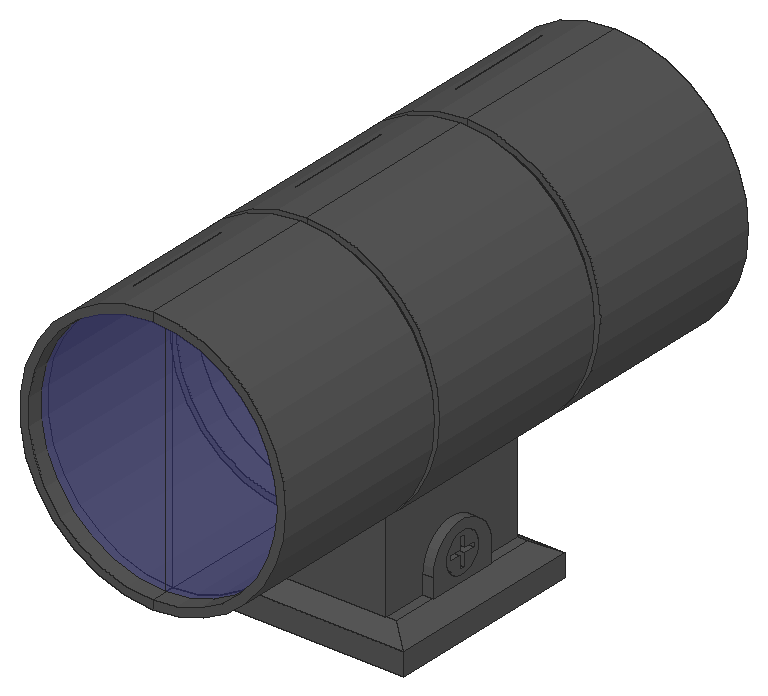
Revit family "CARLO CYLINDER LIGHT WALL MOUNT", category Lighting Fixtures, host Face, Revit 2020 (continued)
Parameters (values of type "CCL6-13-35SPSW8-PC-25-WM-BK")
    7.481 16.369 15.26 14.215 13.247 \r\n 12.336 11.472 10.639 9.8013 8.9989 8.2707 7.5823 6.8989 6.2615 5.7135 \r\n 5.2132 4.7182 4.2741 3.9275 3.6327 3.3557 3.1087 2.8955 2.7071 2.536 \r\n 2.3818 2.2418 2.1148 1.999 1.8934 1.7964 1.7079 1.6283 1.5544 1.4829 \r\n 1.4147 1.3495 1.2875 1.2299 1.1741 1.1177 1.062 1.0067 0.95477 0.91161 \r\n 0.8699 0.82133 0.77422 0.73572 0.70098 0.6676 0.63543 0.60341 0.5718 0.54065 \r\n 0.50956 0.47773 0.44646 0.41824 0.39136 0.36561 0.33889 0.30723 0.27603 0.2507 \r\n 0.22734 0.20352 0.18022 0.15905 0.13557 0.10431 0.069906 0.030849 0 0 \r\n 0 0.027256 0.062592 0.095669 0.12722 0.14886 0.17762 0.23662 0.29916 0.33852 \r\n 0.37785 0.44017 0.49913 0.52756 0.55093 0.59161 0.63172 0.65564 0.67896 0.71568 \r\n 0.75487 0.78785 0.82178 0.86524 0.91077 0.95196 0.99421 1.0429 1.0917 1.1329 \r\n 1.1764 1.2338 1.2928 1.3422 1.3907 1.4438 1.4996 1.5585 1.6197 1.682 \r\n 1.746 1.8106 1.8791 1.9571 2.0376 2.1118 2.1902 2.2818 2.3815 2.4864 \r\n 2.5991 2.7192 2.8523 3.0039 3.173 3.356 3.5657 3.8188 4.1001 4.3891 \r\n 4.7192 5.1208 5.583 6.1013 6.6868 7.3578 8.0877 8.8496 9.6629 10.547 \r\n 11.475 12.426 13.407 14.416 15.454 16.525 17.608 18.645 19.743 21.064 \r\n 22.383 23.425 24.508 25.787 27.482 29.897 32.933 35.389 40.884 54.13 \r\n 70.645 86.102 104.74 130.45 159.95 191.73 224.33 255.5 286.21 317.15 \r\n 346.93 374.48 399.51 421.94 439.99 450.82 457.58 462.08 465.46 469.82 \r\n 474.05 477.64 480.91 483.94 486.88 489.85 492.95 496.38 499.9 503.31 \r\n 506.66 509.95 513.16 516.28 519.34 522.36 525.4 528.49 531.65 534.78 \r\n 538.26 542.5 547.27 552.26 558.12 565.39 574.02 583.97 595.73 609.69 \r\n 626.14 645.15 667.73 694.71 726.7 762.25 808.33 875.89 951.47 1023.6 \r\n 1097.2 1169 1252.3 1362.2 1489.7 1629.8 1785.6 1960.6 2149.5 2349.3 \r\n 2556.4 2766.3 2978.5 3191.4 3404.6 3618.5 3828.9 4033.6 4227.7 4404 \r\n 4567.2 4720.5 4860.6 4985.4 5094.7 5187.7 5264.3 5322.2 5367.8 5407.5 \r\n 5509.6 \r\n5444.5 5455.6 5459.1 5451.5 5433.5 5405.5 5367.7 5321 5263.9 5196.4 \r\n 5115.3 5016.9 4903.8 4776 4638 4494.8 4343.9 4185.4 4016.4 3832 \r\n 3638.6 3439.7 3238.8 3041.8 2845.6 2649 2452.4 2252.9 2059.7 1882.3 \r\n 1717.1 1563.3 1423 1298.3 1187.6 1090.5 1005.6 931.84 868.11 813.11 \r\n 766.14 726.41 692.95 664.82 641.11 620.62 603.26 588.7 576.41 565.77 \r\n 556.71 548.99 542.43 536.87 531.99 527.4 523.23 519.57 516.18 512.82 \r\n 509.59 506.55 503.58 500.6 497.64 494.74 491.86 489.01 486.21 483.6 \r\n 480.87 477.53 474.16 471.73 468.53 464.01 455.69 440.13 419.69 395.25 \r\n 367.83 338.51 307.98 277.33 246.49 215.51 185.04 155.38 127.59 102.51 \r\n 81.119 64.817 53.295 47.867 45.06 41.414 38.191 35.635 33.339 30.98 \r\n 28.546 25.755 23.089 20.998 19.287 17.978 16.864 15.714 14.627 13.633 \r\n 12.706 11.84 11.003 10.142 9.3145 8.5762 7.8766 7.165 6.4975 5.9312 \r\n 5.4126 4.8876 4.4148 4.053 3.747 3.4563 3.1956 2.9693 2.7688 2.5877 \r\n 2.4249 2.2777 2.1449 2.0254 1.9169 1.8167 1.7249 1.6419 1.5648 1.4908 \r\n 1.4207 1.3549 1.2926 1.2336 1.1765 1.1199 1.0643 1.0086 0.95644 0.91367 \r\n 0.8724 0.82368 0.77647 0.73846 0.70443 0.67214 0.64035 0.61005 0.58024 0.55041 \r\n 0.52009 0.48782 0.45607 0.4273 0.40001 0.37439 0.34777 0.31556 0.28386 0.25903 \r\n 0.23572 0.20954 0.18385 0.1618 0.13969 0.11614 0.087212 0.040327 0 0 \r\n 0.0008805 0.036916 0.080845 0.1143 0.14487 0.16937 0.20182 0.26416 0.32947 0.37009 \r\n 0.41016 0.47381 0.53343 0.56041 0.58192 0.62196 0.66148 0.68391 0.7059 0.74243 \r\n 0.78195 0.8156 0.85034 0.89538 0.94241 0.98431 1.0267 1.0749 1.1227 1.1615 \r\n 1.2033 1.2623 1.3232 1.3721 1.4196 1.4723 1.5279 1.5866 1.6479 1.711 \r\n 1.7762 1.8424 1.9127 1.9916 2.0729 2.1493 2.2296 2.3217 2.4223 2.5305 \r\n 2.6472 2.7713 2.9084 3.0643 3.2379 3.4247 3.6406 3.9062 4.2027 4.5074 \r\n 4.8525 5.2639 5.7367 6.2726 6.8779 7.5691 8.3183 9.096 9.9238 10.822 \r\n 11.765 12.733 13.729 14.747 15.79 16.867 17.958 19.011 20.133 21.493 \r\n 22.851 23.885 25.005 26.465 28.401 31.011 34.369 37.177 43.747 60.1 \r\n 79.821 96.656 116.15 143.08 173.53 205.53 238.06 269.14 299.64 330.27 \r\n 359.43 385.73 409.14 429.76 445.85 454.42 459.33 463.38 466.8 471.06 \r\n 475.19 478.63 481.77 484.85 487.87 490.84 493.95 497.53 501.17 504.53 \r\n 507.78 511 514.16 517.3 520.42 523.54 526.65 529.73 532.85 535.94 \r\n 539.45 543.94 549.01 554.15 560.21 567.92 577.11 587.68 600.09 614.65 \r\n 631.79 651.67 675.37 703.84 737.57 774.73 823.26 895.65 976.47 1053 \r\n 1129.6 1201.1 1283.6 1394.9 1524.8 1668.6 1828.2 2005.9 2196.3 2395.2 \r\n 2600.9 2811.1 3024.5 3239.4 3454.2 3667.5 3876.5 4080 4272 4444.3 \r\n 4603.2 4754.1 4892 5013.7 5119.3 5207.8 5279.8 5333.8 5376 5412.5 \r\n 5509.6 \r\n5444.5 5457 5464.1 5460.4 5445.9 5420.5 5384.9 5340.4 5286.1 5222.9 \r\n 5147.1 5054.9 4947.5 4823.2 4687.3 4545.5 4396 4240 4073.7 3890.9 \r\n 3698.9 3501.8 3302 3103.9 2905.5 2705.8 2506.3 2305.7 2111.4 1931.3 \r\n 1762.7 1604.2 1458.8 1328.8 1214.7 1120.2 1038.3 962.84 894.84 832.46 \r\n 778.41 736.13 701.61 672.13 647.3 625.85 607.65 592.32 579.37 568.21 \r\n 558.71 550.62 543.76 537.98 532.94 528.18 523.88 520.11 516.66 513.33 \r\n 510.15 507.08 504.07 501.08 498.13 495.24 492.39 489.59 486.85 484.28 \r\n 481.6 478.43 475.24 472.74 469.76 466.21 459.5 446.59 428.83 406.03 \r\n 379.75 351.29 321.25 290.63 259.48 227.92 196.68 166.2 137.48 111.29 \r\n 88.767 71.664 58.949 50.676 45.337 41.635 38.986 36.294 33.806 31.459 \r\n 29.091 26.38 23.748 21.526 19.668 18.335 17.229 16.065 14.961 13.95 \r\n 13.006 12.126 11.277 10.412 9.5781 8.8213 8.1009 7.3735 6.6925 6.1156 \r\n 5.5862 5.0476 4.5586 4.1753 3.8493 3.5488 3.2806 3.0415 2.8292 2.6414 \r\n 2.4746 2.326 2.1924 2.0703 1.9591 1.8581 1.7652 1.6785 1.598 1.5237 \r\n 1.4543 1.3884 1.326 1.2672 1.2102 1.1522 1.0954 1.0406 0.98915 0.94441 \r\n 0.90109 0.85273 0.80611 0.76722 0.7319 0.69819 0.66544 0.63466 0.60463 0.57498 \r\n 0.5447 0.51151 0.47882 0.45004 0.42281 0.39657 0.36933 0.33704 0.30525 0.27994 \r\n 0.2558 0.22825 0.20123 0.17828 0.15609 0.1344 0.10756 0.062655 0.021325 0.0060592 \r\n 0.0109 0.045971 0.088774 0.11878 0.14863 0.18365 0.22645 0.28645 0.3485 0.39658 \r\n 0.44268 0.49842 0.54888 0.57721 0.60076 0.63485 0.66862 0.69285 0.71792 0.75385 \r\n 0.79241 0.82727 0.86287 0.90527 0.94947 0.99165 1.0343 1.0799 1.1247 1.1622 \r\n 1.2025 1.2578 1.3158 1.366 1.4158 1.4694 1.5256 1.585 1.6469 1.7108 \r\n 1.7768 1.8439 1.9147 1.9933 2.075 2.1543 2.2385 2.3333 2.4373 2.5508 \r\n 2.674 2.8052 2.9501 3.1142 3.297 3.495 3.7226 3.9973 4.3063 4.6355 \r\n 5.0061 5.4322 5.9208 6.4864 7.1211 7.8257 8.589 9.3991 10.258 11.169 \r\n 12.119 13.101 14.108 15.128 16.169 17.235 18.326 19.433 20.598 21.909 \r\n 23.221 24.265 25.497 27.316 29.62 32.07 35.775 40.698 49.947 68.614 \r\n 90.711 110.36 132.31 160.43 191.44 223.67 256.18 287.31 317.58 347.47 \r\n 375.46 400.32 421.72 439 451.88 458.85 462.89 466.47 469.57 473.2 \r\n 476.75 479.82 482.73 485.65 488.57 491.47 494.56 498.16 501.83 505.14 \r\n 508.35 511.56 514.78 518.09 521.41 524.68 527.93 531.14 534.46 537.87 \r\n 541.75 546.57 552 557.64 564.24 572.42 582.13 593.37 606.58 622.01 \r\n 640.23 661.61 687.02 717.27 752.94 792.43 843.08 916.22 998.32 1078.3 \r\n 1160.1 1239.1 1329.5 1446.7 1581.8 1730.2 1894.3 2077.8 2273 2473.4 \r\n 2679.4 2889.2 3102.1 3318 3533 3744 3949.3 4148.4 4335.8 4504.4 \r\n 4659.5 4805.4 4937.8 5053.8 5153.5 5235.8 5302 5350.8 5388.1 5420 \r\n 5509.6 \r\n5444.5 5458.3 5468.6 5468.4 5457.2 5434.1 5400.6 5357.7 5305.5 5245.8 \r\n 5174.7 5088.6 4987.1 4866.2 4732.5 4591.8 4443.1 4288.9 4124.5 3943.2 \r\n 3752.6 3557.6 3359 3159.6 2958.6 2755.8 2553.5 2352.6 2158.1 1976 \r\n 1804.3 1641.5 1491.6 1357.2 1240.5 1149 1070.3 993.28 921.18 851.26 \r\n 789.94 745.15 709.68 678.94 653.07 630.74 611.78 595.75 582.19 570.54 \r\n 560.64 552.21 545.06 539.06 533.85 528.95 524.52 520.64 517.12 513.83 \r\n 510.7 507.59 504.55 501.58 498.67 495.79 492.96 490.19 487.49 484.91 \r\n 482.25 479.26 476.21 473.52 470.51 467.45 461.93 451.58 436.57 415.61 \r\n 390.7 363.27 333.85 303.42 272.09 239.95 208.02 177.13 147.92 120.76 \r\n 97.179 79.501 65.688 54.193 45.882 41.982 39.857 36.971 34.25 31.865 \r\n 29.539 26.95 24.405 22.061 20.051 18.692 17.592 16.417 15.301 14.272 \r\n 13.31 12.411 11.548 10.681 9.844 9.0663 8.3226 7.5825 6.8916 6.3042 \r\n 5.7642 5.215 4.7123 4.3054 3.9566 3.6457 3.3698 3.118 2.894 2.6996 \r\n 2.5292 2.3796 2.2456 2.1207 2.0067 1.9051 1.8114 1.7208 1.6367 1.5624 \r\n 1.4937 1.4276 1.3649 1.3066 1.2497 1.1902 1.1321 1.0783 1.0277 0.98058 \r\n 0.93482 0.88707 0.84129 0.80133 0.7642 0.72781 0.69335 0.662 0.63168 0.60222 \r\n 0.57199 0.53785 0.50419 0.47544 0.44828 0.42122 0.39315 0.3609 0.32913 0.30309 \r\n 0.27795 0.2493 0.22121 0.19721 0.17449 0.15341 0.12792 0.086668 0.045977 0.025603 \r\n 0.024337 0.055584 0.095263 0.12168 0.15132 0.19766 0.25134 0.30826 0.36615 0.42185 \r\n 0.47391 0.52001 0.55965 0.58961 0.61572 0.64323 0.67067 0.69737 0.72628 0.76153 \r\n 0.79888 0.83496 0.87138 0.91055 0.95129 0.99357 1.0364 1.0791 1.1207 1.1574 \r\n 1.1967 1.2473 1.3016 1.3535 1.4062 1.4609 1.5178 1.5778 1.6403 1.705 \r\n 1.7718 1.8395 1.9107 1.9887 2.0707 2.1533 2.2415 2.3395 2.4473 2.5666 \r\n 2.6967 2.8357 2.9893 3.163 3.3565 3.5676 3.8084 4.0918 4.4132 4.7692 \r\n 5.1683 5.6116 6.1184 6.7162 7.382 8.0992 8.8758 9.7209 10.614 11.537 \r\n 12.494 13.488 14.504 15.525 16.564 17.617 18.711 19.878 21.089 22.335 \r\n 23.594 24.682 26.074 28.275 31.006 33.449 37.728 45.147 57.343 78.081 \r\n 102.27 124.88 149.47 178.71 210.13 242.45 274.82 305.92 335.88 364.86 \r\n 391.52 414.81 434.05 447.79 457.35 463.03 466.54 469.76 472.56 475.53 \r\n 478.41 481.11 483.78 486.52 489.31 492.14 495.18 498.76 502.42 505.69 \r\n 508.87 512.09 515.39 518.9 522.45 525.87 529.27 532.66 536.22 540.05 \r\n 544.38 549.53 555.34 561.56 568.77 577.45 587.7 599.66 613.74 630.15 \r\n 649.61 672.67 699.99 732.16 769.93 812.2 865.14 938.05 1020.4 1103.9 \r\n 1191.6 1280 1380.1 1504.2 1645 1798.2 1967 2156.7 2357.2 2559.7 \r\n 2766.2 2975.5 3187.6 3403.9 3618.8 3826.9 4028.1 4221.9 4404.1 4569.1 \r\n 4720.3 4860.6 4986.8 5096.5 5189.8 5265.7 5325.6 5369 5401.3 5428.3 \r\n 5509.6 \r\n5444.5 5459.3 5472.4 5475.4 5467.2 5446.5 5414.9 5373.3 5322.7 5266 \r\n 5198.8 5118.6 5022.9 4905.6 4774.3 4634.6 4486.5 4333.6 4170.6 3990.7 \r\n 3801.5 3608.7 3411.5 3210.5 3006.9 2801 2596.4 2395.8 2201.7 2017.8 \r\n 1843.2 1676.6 1522.6 1384.4 1265.6 1176.6 1100.5 1022.1 946.17 869.18 \r\n 801.01 753.8 717.38 685.44 658.59 635.43 615.77 599.07 584.93 572.82 \r\n 562.55 553.79 546.37 540.16 534.77 529.73 525.19 521.2 517.62 514.35 \r\n 511.26 508.12 505.05 502.13 499.26 496.39 493.56 490.81 488.12 485.48 \r\n 482.81 479.98 477.04 474.07 470.86 467.93 463.24 455.25 442.93 423.97 \r\n 400.68 374.44 345.81 315.74 284.4 251.78 219.29 188.34 158.96 130.99 \r\n 106.43 88.246 73.329 58.467 46.978 42.652 40.859 37.727 34.762 32.293 \r\n 29.974 27.518 25.083 22.622 20.461 19.071 17.969 16.784 15.657 14.61 \r\n 13.627 12.707 11.827 10.959 10.12 9.3192 8.5505 7.7998 7.1014 6.5025 \r\n 5.9506 5.3922 4.8769 4.445 4.0714 3.7486 3.464 3.1995 2.9641 2.7631 \r\n 2.5888 2.4378 2.3032 2.175 2.0579 1.9555 1.861 1.7666 1.679 1.6044 \r\n 1.5363 1.4697 1.4066 1.3485 1.2916 1.2306 1.1711 1.1184 1.0686 1.019 \r\n 0.97076 0.92381 0.87907 0.83802 0.79889 0.75964 0.7226 0.69065 0.65997 0.6306 \r\n 0.60036 0.5653 0.5307 0.50197 0.47483 0.44683 0.41782 0.38562 0.3539 0.32698 \r\n 0.30074 0.27126 0.24233 0.2172 0.1936 0.17214 0.14735 0.11074 0.071907 0.048035 \r\n 0.04112 0.065996 0.10133 0.12488 0.15515 0.21221 0.27599 0.32989 0.38359 0.4459 \r\n 0.50283 0.53878 0.56734 0.59878 0.62746 0.64856 0.66996 0.69942 0.73241 0.767 \r\n 0.80306 0.84023 0.87735 0.91317 0.95032 0.99248 1.0353 1.0753 1.1139 1.1504 \r\n 1.1891 1.2348 1.2849 1.3386 1.3944 1.4503 1.5079 1.5684 1.6314 1.6971 \r\n 1.7647 1.8328 1.9043 1.9817 2.064 2.1497 2.2421 2.3435 2.4553 2.5804 \r\n 2.7176 2.8646 3.0276 3.2119 3.4174 3.6428 3.8976 4.1899 4.5237 4.9075 \r\n 5.3369 5.7998 6.3272 6.9584 7.6558 8.3856 9.1755 10.056 10.984 11.92 \r\n 12.883 13.885 14.908 15.932 16.971 18.015 19.112 20.34 21.599 22.773 \r\n 23.985 25.162 26.764 29.335 32.542 35.256 40.405 50.491 65.661 88.209 \r\n 114.19 139.71 166.91 197.16 228.87 261.15 293.25 324.22 353.78 381.72 \r\n 406.92 428.51 445.54 455.78 462.17 466.83 470.09 473.04 475.57 477.89 \r\n 480.13 482.49 484.93 487.49 490.16 492.9 495.88 499.42 503.04 506.26 \r\n 509.42 512.67 516.07 519.79 523.57 527.14 530.69 534.29 538.13 542.41 \r\n 547.23 552.72 558.92 565.75 573.62 582.82 593.64 606.36 621.37 638.87 \r\n 659.67 684.55 713.91 748.1 788.14 833.65 889.15 961.2 1043.2 1130.2 \r\n 1224.2 1322.9 1433.8 1565.2 1711.9 1870.1 2043.8 2239.6 2445.5 2650.5 \r\n 2857.9 3066.7 3277.7 3494 3708 3913 4109.8 4298.1 4474.6 4635.8 \r\n 4783.2 4917.7 5037.3 5140.4 5227 5296.3 5350 5387.9 5415.1 5437 \r\n 5509.6 \r\n5444.5 5459.8 5475.7 5481.5 5476 5457.7 5428.2 5387.8 5338.6 5284.2 \r\n 5220.4 5145.7 5055.5 4941.9 4813.2 4674.9 4527.6 4375.8 4213.9 4035.3 \r\n 3847.6 3656.9 3460.8 3258.2 3052.2 2843.8 2637.4 2437.4 2243.8 2058.2 \r\n 1880.7 1710.5 1552.9 1411.5 1290.7 1203 1128.1 1048.1 968.86 885.86 \r\n 811.9 762.42 724.94 691.8 664 640.05 619.72 602.38 587.67 575.12 \r\n 564.47 555.4 547.73 541.3 535.74 530.56 525.92 521.84 518.19 514.93 \r\n 511.86 508.7 505.62 502.74 499.92 497.04 494.19 491.43 488.71 485.99 \r\n 483.26 480.56 477.69 474.41 470.93 467.86 463.67 457.74 447.94 431.12 \r\n 409.7 384.82 357.13 327.62 296.46 263.56 230.73 199.97 170.66 142.06 \r\n 116.61 97.819 81.69 63.546 48.908 43.844 42.05 38.623 35.434 32.835 \r\n 30.478 28.135 25.802 23.229 20.922 19.491 18.378 17.181 16.043 14.975 \r\n 13.969 13.025 12.126 11.256 10.414 9.5882 8.7932 8.0333 7.3286 6.7159 \r\n 6.1493 5.5814 5.0537 4.596 4.1962 3.859 3.5636 3.2868 3.0406 2.8325 \r\n 2.6534 2.5 2.3635 2.2315 2.1109 2.0073 1.9117 1.8137 1.7226 1.6472 \r\n 1.579 1.5116 1.4478 1.3896 1.3324 1.27 1.2093 1.1575 1.1083 1.0565 \r\n 1.006 0.96009 0.91654 0.87455 0.83352 0.79142 0.75173 0.71919 0.68807 0.65863 \r\n 0.62823 0.59233 0.55691 0.52812 0.50088 0.47189 0.44192 0.4097 0.37796 0.35009 \r\n 0.32277 0.29269 0.26314 0.23687 0.21215 0.18958 0.16491 0.13327 0.097065 0.071954 \r\n 0.061176 0.078943 0.10798 0.13024 0.16231 0.22812 0.29989 0.35164 0.40199 0.46876 \r\n 0.52839 0.55492 0.57353 0.60588 0.6366 0.65234 0.66881 0.70097 0.73773 0.77175 \r\n 0.80661 0.84461 0.88225 0.91507 0.949 0.99078 1.0335 1.071 1.1074 1.1443 \r\n 1.1828 1.2242 1.2703 1.3256 1.3843 1.4413 1.4997 1.5605 1.6238 1.6903 \r\n 1.7589 1.8274 1.8989 1.976 2.0588 2.1475 2.2437 2.3484 2.4643 2.5948 \r\n 2.7387 2.8938 3.0663 3.2621 3.4806 3.7207 3.99 4.2915 4.6383 5.0497 \r\n 5.5095 5.9947 6.5452 7.2095 7.9378 8.6812 9.4848 10.399 11.359 12.309 \r\n 13.279 14.287 15.315 16.344 17.386 18.427 19.532 20.817 22.119 23.228 \r\n 24.41 25.731 27.593 30.492 34.214 37.599 43.986 56.695 74.627 98.71 \r\n 126.18 154.33 183.91 215.03 246.91 279.03 310.74 341.46 370.51 397.32 \r\n 420.99 440.78 455.59 462.62 466.22 470.13 473.35 476.12 478.42 480.18 \r\n 481.84 483.92 486.18 488.59 491.15 493.82 496.75 500.2 503.75 506.93 \r\n 510.09 513.4 516.92 520.83 524.82 528.52 532.23 536.04 540.17 544.92 \r\n 550.22 556.04 562.61 570.06 578.6 588.33 599.74 613.27 629.26 647.93 \r\n 670.18 696.93 728.41 764.69 807.16 856.4 914.82 985.76 1067.1 1157.6 \r\n 1258 1367.1 1488.8 1627.6 1780.3 1943.6 2122.1 2323.7 2534.6 2742.3 \r\n 2950.6 3159.1 3369.1 3584.7 3797.2 3999.1 4191.6 4374.1 4544.9 4702.4 \r\n 4845.9 4974.5 5087.6 5184 5264 5326.8 5374.4 5407 5429.2 5446.1 \r\n 5509.6 \r\n5444.5 5459.2 5478 5486.1 5482.9 5467.6 5441.1 5403 5355.9 5303.7 \r\n 5242.6 5172.5 5087.3 4978.3 4853.7 4718.5 4573.7 4423.6 4263.1 4086.4 \r\n 3900.5 3711.1 3515.6 3311.7 3104.1 2895.4 2688.9 2489.2 2295 2106.4 \r\n 1925.1 1751.1 1589.7 1444.9 1320.8 1229.4 1151.1 1068 985.92 900.67 \r\n 824.7 773.17 733.86 699.32 670.38 645.49 624.36 606.3 590.97 577.89 \r\n 566.8 557.36 549.4 542.74 537.01 531.7 526.97 522.81 519.11 515.78 \r\n 512.66 509.5 506.44 503.58 500.77 497.85 494.92 492.06 489.2 486.32 \r\n 483.46 480.74 477.85 474.42 470.79 467.51 463.56 458.96 451.09 436.7 \r\n 417.66 394.44 368 339.4 308.87 276.32 243.71 213.29 184.11 155.19 \r\n 128.94 108.77 90.772 70.082 53.005 46.446 43.738 40.01 36.776 33.974 \r\n 31.454 29.089 26.746 24.042 21.594 20.089 18.93 17.705 16.546 15.446 \r\n 14.408 13.437 12.517 11.636 10.781 9.927 9.1045 8.3347 7.6209 6.9
